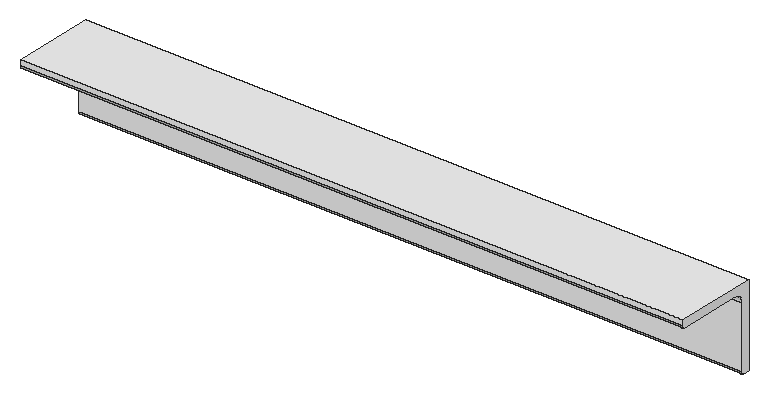
Revit family
Parameters (values of type "150x150x15RSA")
  Start Extension Calculation [instance] = 3012.5 mm + Start Extension  # 3000.0 mm
  Start Extension [instance] = -12.5 mm
  End Extension Calculation [instance] = 3012.5 mm + End Extension  # 3000.0 mm
  End Extension [instance] = -12.5 mm
  Beam Material [instance] = Metal - Steel - 345 MPa
  Assembly Code = ""
  A = 0.004 m²
  Cx = 42.6 mm
  Cy = 42.6 mm
  Ix = 909
  Length [instance] = 1524.0 mm
  M = 33.9
  Zx = 84.6
  b = 150.0 mm
  h = 150.0 mm
  r1 = 16.0 mm
  r2 = 4.8 mm
  t = 15.0 mm
Reference planes
  plane 1 "Center (Front/Back)": y = 0
  plane 2: z = 0
  plane 3 "Center (Left/Right)": x = 4.61
  plane 4 "Member Left": x = -604.99
  plane 5 "Member Right": x = 614.21
  plane 6: y = 42.6
  plane 7: y = -107.4
  plane 8 "Top": z = 42.6
  plane 9: z = -107.4
  plane 10 "Left": x = -757.39
  plane 11 "Right": x = 766.61
  plane 12: x = -604.99
  plane 13: x = 614.21
  plane 14: x = 2395.01
  plane 15: x = -2385.79
Forms (mm)
  Sweep 1, solid, material "Metal - Steel - 345 MPa" <- "Beam Material", detail levels medium
    path origin (0, 0, 0) x (1, 0, 0) y (0, 1, 0)
      loop
        line (614.21, 0) -> (-604.99, 0)
    profile "M_L-Angle-Profile-Medium : M_L-Angle-Profile-Medium" origin (4.61, 0, 0) x (0, -1, 0) y (0, 0, 1)
      loop
        line (-42.6, -107.4) -> (-27.6, -107.4) -> (-27.6, 27.6) -> (107.4, 27.6) -> (107.4, 42.6) -> (-42.6, 42.6) -> (-42.6, -107.4)
  Sweep 2, solid, material "Metal - Steel - 345 MPa" <- "Beam Material", detail levels fine
    path origin (0, 0, 0) x (1, 0, 0) y (0, 1, 0)
      loop
        line (614.21, 0) -> (-604.99, 0)
    profile "M_L-Angle-Profile2-Fine : M_L-Angle-Profile2-Fine" origin (4.61, 0, 0) x (0, -1, 0) y (0, 0, 1)
      loop
        line (-42.6, -107.4) -> (-32.4, -107.4)
        arc (-32.4, -107.4) -> (-29.006, -105.994) -> (-27.6, -102.6) r 4.8
        line (-27.6, -102.6) -> (-27.6, 11.6)
        arc (-27.6, 11.6) -> (-22.914, 22.914) -> (-11.6, 27.6) r 16
        line (-11.6, 27.6) -> (102.6, 27.6)
        arc (102.6, 27.6) -> (105.994, 29.006) -> (107.4, 32.4) r 4.8
        line (107.4, 32.4) -> (107.4, 42.6) -> (-42.6, 42.6) -> (-42.6, -107.4)
Lines and regions (mm)
  symbolic lines, style "Hidden Faces", detail levels medium+fine
    curve 1: line (-604.99, 0, 27.6) -> (614.21, 0, 27.6)
    curve 2: line (-604.99, 12.7, 0) -> (614.21, 12.7, 0)
  symbolic lines, style "Stick Symbols", detail levels coarse
    curve 3: line (4.61, 42.6, 42.6) -> (4.61, -107.4, 42.6)
    curve 4: line (4.61, 42.6, -107.4) -> (4.61, 42.6, 42.6)
Dimensions and locks
  "b": plane 6 to plane 7
  "h": plane 9 to plane 8 "Top"
  "Cy": plane 6 to plane 1 "Center (Front/Back)"
  "Cx": plane 8 "Top" to plane 2
  "Length": plane 10 "Left" to plane 11 "Right"
  locked: plane 4 "Member Left" to plane 14 at 3000
  locked: plane 15 to plane 5 "Member Right" at 3000
  "Start Extension Calculation": plane 12 to plane 14
  "End Extension Calculation": plane 15 to plane 13
  aligned and locked: plane 4 "Member Left" to curve 1
  aligned and locked: plane 5 "Member Right" to curve 1
  aligned and locked: Sweep 1 sketch curve to plane 1 "Center (Front/Back)"
  aligned and locked: Sweep 2 sketch curve to plane 1 "Center (Front/Back)"
  aligned and locked: curve 3 to Sweep 2
  aligned and locked: Sweep 2 to curve 4
  aligned and locked: Sweep 1 to curve 3
  aligned and locked: curve 4 to Sweep 1
  aligned and locked: plane 12 to Sweep 2 sketch curve
  aligned and locked: plane 13 to Sweep 2 sketch curve
  aligned and locked: plane 12 to Sweep 1 sketch curve
  aligned and locked: plane 13 to Sweep 1 sketch curve
Automatic sketch dimensions
  curve 2 to plane 4 "Member Left" = 0.0 mm
  curve 2 to plane 5 "Member Right" = 0.0 mm
  curve 2 to plane 1 "Center (Front/Back)" = 12.7 mm
  plane 8 "Top" to curve 1 = 15.0 mm
